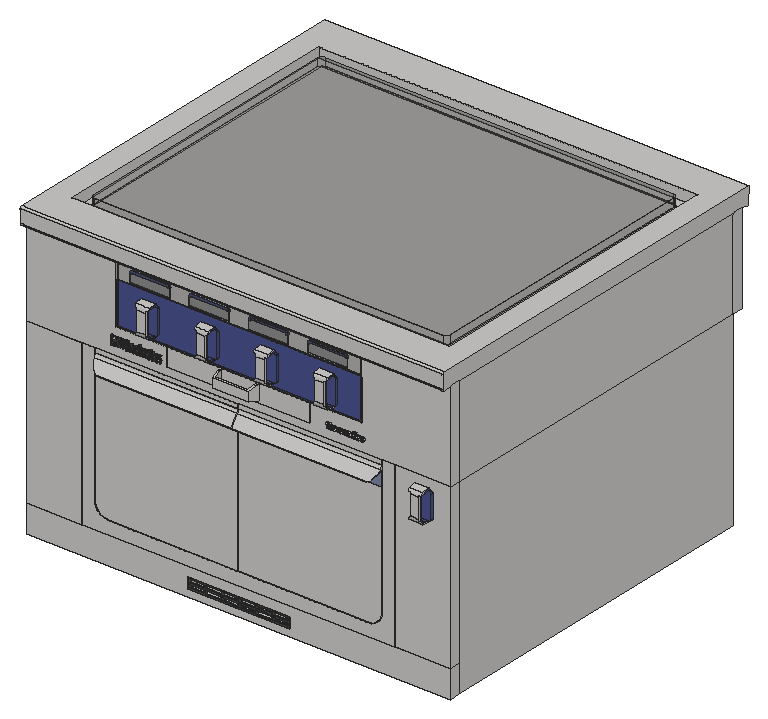
Revit family "QF_ELECTROLUXPROFESSIONAL_589695_MCLPEAJ4AO", category Attrezzature speciali, Revit 2020
Family settings
  Quota connettore circolare = Usa diametro
  Tipo di parte = Normale
  Basato su piano di lavoro = No
  Sempre verticale = Sì
  Taglio con vuoti quando caricato = No
  Condiviso = No
  Punto di calcolo locali = No
Parameters (values of type "Standard")
  Weight = 193.00 kg
  Watts = 18300 W
  Volts = 400 V
  URL Manufacturer = "https://www.electroluxprofessional.com/"
  URL = "https://www.electroluxprofessional.com/"
  Steam Supply Size = 0"
  Steam Supply Minimum Pressure = 0.00 psi
  Steam Supply Maximum Pressure = 0.00 psi
  Steam Consumption per Hour = 0
  Refrigeration Suction Line Size = 0 mm
  Refrigeration Liquid Line Size = 0 mm
  Refrigerant Compressor Remote = yes
  Prospetto di default = 0 mm
  Phase = 3
  Modello = "MCLPEAJ4AO"
  Produttore = "Electrolux Professional"
  Length Actual = 1000 mm  # constant formula
  Item Number = "589695"
  Hot Water Size = 0"
  Height Actual = 700 mm  # constant formula
  HP = "24.5 HP"
  Gas Size = 0"
  Gas KW = 0
  Gas Input Pressure = 0.0 Btu/h
  Direct Waste Size = 0"
  Descrizione = "EL.SOLID TOP,WARM.CAB.1S,1000X900X700H"
  Depth Actual = 900 mm  # constant formula
  Cycle = 50 Hz
  Condensate Return Size = 0"
  Compressed Air Volume = 0 GPM
  Compressed Air Size = 0"
  Compressed Air Pressure = 0.00 psi
  Cold Water Size = 0"
  Accessory = yes
Reference planes
  plane 1 "BACK": y = 0
  plane 2: z = 0
  plane 3 "LEFT": x = -100
  plane 4 "RIGHT": x = 900
  plane 5 "FRONT": y = -900
  plane 6 "TOP": z = 900
  plane 7 "Center (Left/Right)": x = 400
  plane 8: y = -450
  plane 9: z = 200
  plane 10: y = -150
  plane 11 "Panel": y = -855
  plane 12: z = 798
  plane 13: z = 1327
  plane 14: x = -22
  plane 15: x = 822
  plane 16: y = -150
  plane 17: y = -650
  plane 18 "EIx": x = 855
  plane 19 "EIy": y = -685
  plane 20: y = -880
Forms (mm)
  Extrusion 1, solid, material "QF_Finishes_Stainless Steel"
    sketch origin (-178.969, -4572, 200) x (-1, 0, 0) y (0, -1, 0)
      loop
        line (-78.969, -4527) -> (-78.969, -3717) -> (-1078.969, -3717) -> (-1078.969, -4527) -> (-78.969, -4527)
    from 450 to 663
  Extrusion 2, solid, material "QF_Finishes_Stainless Steel"
    sketch origin (-100, 0, 0) x (0, 1, 0) y (0, 0, 1)
      loop
        line (-855, 200) -> (-855, 265) -> (-880, 265) -> (-880, 200) -> (-855, 200)
    from 0 to 1000
  Extrusion 3, solid, material "QF_Finishes_Stainless Steel"
    sketch origin (-488.969, -4662, 200) x (-1, 0, 0) y (0, -1, 0)
      loop
        circle (-1343.969, -3977) r 6.35
    from 0 to -11.851
  Extrusion 4, solid, material "QF_Finishes_Stainless Steel"
    sketch origin (400, 296.4, 1219.2) x (0, 1, 0) y (0, 0, 1)
      loop
        line (-296.4, -319.2) -> (-1191.4, -319.2)
        arc (-1191.4, -319.2) -> (-1194.935, -320.664) -> (-1196.4, -324.2) r 5
        line (-1196.4, -324.2) -> (-1196.4, -355.2)
        arc (-1196.4, -355.2) -> (-1194.971, -358.264) -> (-1191.705, -359.139) r 4
        line (-1191.705, -359.139) -> (-1176.4, -356.231) -> (-316.4, -356.231) -> (-301.094, -359.139)
        arc (-301.094, -359.139) -> (-297.829, -358.264) -> (-296.4, -355.2) r 4
        line (-296.4, -355.2) -> (-296.4, -319.2)
    from -500 to 500
  Extrusion 5, solid, material "QF_Finishes_Electrolux_Black Smoke Iluminated"
    sketch origin (0, 0, 900) x (-1, 0, 0) y (0, -1, 0)
      loop
        arc (12, 109) -> (19.071, 111.929) -> (22, 119) r 10
        line (22, 119) -> (22, 780)
        arc (22, 780) -> (19.071, 787.071) -> (12, 790) r 10
        line (12, 790) -> (-812, 790)
        arc (-812, 790) -> (-819.071, 787.071) -> (-822, 780) r 10
        line (-822, 780) -> (-822, 119)
        arc (-822, 119) -> (-819.071, 111.929) -> (-812, 109) r 10
        line (-812, 109) -> (12, 109)
    from 0 to -20
  Extrusion 6, solid, material "QF_Finishes_Stainless Steel"
    sketch origin (-178.969, -4572, 200) x (-1, 0, 0) y (0, -1, 0)
      loop
        line (-78.969, -4527) -> (-78.969, -3717) -> (-1078.969, -3717) -> (-1078.969, -4527) -> (-78.969, -4527)
    from 450 to 0
  Extrusion 7, void
    sketch origin (0, -855, 0) x (-1, 0, 0) y (0, 0, 1)
      loop
        line (-520, 216.594) -> (-280, 216.594) -> (-280, 241.594) -> (-520, 241.594) -> (-520, 216.594)
    from 0 to -25
  Extrusion 8, solid, material "QF_Finishes_Black"
    sketch origin (0, -855, 0) x (-1, 0, 0) y (0, 0, 1)
      loop
        line (-280, 241.594) -> (-520, 241.594) -> (-520, 216.594) -> (-280, 216.594) -> (-280, 241.594)
      loop
        line (-282, 239.594) -> (-319.131, 239.594) -> (-319.131, 230.094) -> (-282, 230.094) -> (-282, 239.594)
      loop
        line (-282, 218.594) -> (-282, 228.094) -> (-319.131, 228.094) -> (-319.131, 218.594) -> (-282, 218.594)
      loop
        line (-321.131, 239.594) -> (-359.066, 239.594) -> (-359.066, 230.094) -> (-321.131, 230.094) -> (-321.131, 239.594)
      loop
        line (-399, 239.594) -> (-399, 230.094) -> (-361.066, 230.094) -> (-361.066, 239.594) -> (-399, 239.594)
      loop
        line (-401, 239.594) -> (-438.934, 239.594) -> (-438.934, 230.094) -> (-401, 230.094) -> (-401, 239.594)
      loop
        line (-359.066, 218.594) -> (-321.131, 218.594) -> (-321.131, 228.094) -> (-359.066, 228.094) -> (-359.066, 218.594)
      loop
        line (-361.066, 218.594) -> (-361.066, 228.094) -> (-399, 228.094) -> (-399, 218.594) -> (-361.066, 218.594)
      loop
        line (-401, 228.094) -> (-438.934, 228.094) -> (-438.934, 218.594) -> (-401, 218.594) -> (-401, 228.094)
      loop
        line (-518, 239.594) -> (-518, 230.094) -> (-480.869, 230.094) -> (-480.869, 239.594) -> (-518, 239.594)
      loop
        line (-518, 218.594) -> (-480.869, 218.594) -> (-480.869, 228.094) -> (-518, 228.094) -> (-518, 218.594)
      loop
        line (-478.869, 239.594) -> (-478.869, 230.094) -> (-440.934, 230.094) -> (-440.934, 239.594) -> (-478.869, 239.594)
      loop
        line (-440.934, 218.594) -> (-440.934, 228.094) -> (-478.869, 228.094) -> (-478.869, 218.594) -> (-440.934, 218.594)
    from -25.03 to -20
  Extrusion 9, void
    sketch origin (0, 0, 900) x (-1, 0, 0) y (0, -1, 0)
      loop
        line (47, 815) -> (-847, 815) -> (-847, 84) -> (47, 84) -> (47, 815)
    from 0 to -25
  Extrusion 10, solid, material "QF_Finishes_Stainless Steel"
    sketch origin (0, 0, 900) x (-1, 0, 0) y (0, -1, 0)
      loop
        line (18, 113) -> (18, 786) -> (-818, 786) -> (-818, 113) -> (18, 113)
    from -20 to -25
  Extrusion 11, solid, material "QF_Finishes_Stainless Steel"
    sketch origin (400, 296.4, 1219.169) x (0, 1, 0) y (0, 0, 1)
      loop
        line (-341.4, -356.2) -> (-341.4, -569.2) -> (-316.4, -569.2) -> (-316.4, -356.2) -> (-341.4, -356.2)
    from -500 to 500
  Extrusion 12, solid, material "QF_Finishes_Stainless Steel"
    sketch origin (0, -900, 0) x (1, 0, 0) y (0, 0, 1)
      loop
        line (-100, 649.969) -> (-100, 265) -> (30, 265) -> (30, 649.969) -> (-100, 649.969)
      loop
        line (900, 650) -> (770, 650) -> (770, 265) -> (900, 265) -> (900, 650)
    from -45 to -20
  Extrusion 13, solid, material "QF_Finishes_Stainless Steel"
    sketch origin (0, -900, 0) x (1, 0, 0) y (0, 0, 1)
      loop
        line (32, 265) -> (768, 265) -> (768, 650) -> (740, 650) -> (740, 327)
        arc (740, 327) -> (730.627, 304.373) -> (708, 295) r 32
        line (708, 295) -> (92, 295)
        arc (92, 295) -> (69.373, 304.373) -> (60, 327) r 32
        line (60, 327) -> (60, 649.969) -> (32, 649.969) -> (32, 265)
    from -45 to -20
Cuts and joins
  Extrusion 7 cuts Extrusion 6
  Extrusion 7 cuts Extrusion 2
  Extrusion 9 cuts Extrusion 4
Lines and regions (mm)
  symbolic lines
    curve 1: line (-100, 0, 200) -> (900, 0, 200)
    curve 2: line (-100, -900, 200) -> (-100, 0, 200)
    curve 3: line (900, -900, 200) -> (-100, -900, 200)
    curve 4: line (900, 0, 200) -> (900, -900, 200)
    curve 5: line (812, -109, 200) -> (-12, -109, 200)
    curve 6: line (-22, -119, 200) -> (-22, -780, 200)
    curve 7: line (-12, -790, 200) -> (812, -790, 200)
    curve 8: line (822, -780, 200) -> (822, -119, 200)
    curve 9: arc (-12, -109, 200) -> (-19.071, -111.929, 200) -> (-22, -119, 200) r 10
    curve 10: arc (822, -119, 200) -> (819.071, -111.929, 200) -> (812, -109, 200) r 10
    curve 11: arc (812, -790, 200) -> (819.071, -787.071, 200) -> (822, -780, 200) r 10
    curve 12: arc (-22, -780, 200) -> (-19.071, -787.071, 200) -> (-12, -790, 200) r 10
    curve 13: line (847, -84, 900) -> (-47, -84, 900)
    curve 14: line (-47, -84, 900) -> (-47, -815, 900)
    curve 15: line (847, -815, 900) -> (847, -84, 900)
    curve 16: line (-47, -815, 900) -> (847, -815, 900)
  model lines, style "SpecialityEquipment"
    curve 17: arc (634, -211, 900) -> (580.967, -339.033, 900) -> (709, -286, 900) r 75
    curve 18: line (689, -286, 900) -> (729, -286, 900)
    curve 19: line (729, -286, 900) -> (709, -266, 900)
    curve 20: line (689, -286, 900) -> (709, -266, 900)
    curve 21: arc (166, -211, 900) -> (112.967, -339.033, 900) -> (241, -286, 900) r 75
    curve 22: line (221, -286, 900) -> (261, -286, 900)
    curve 23: line (261, -286, 900) -> (241, -266, 900)
    curve 24: line (221, -286, 900) -> (241, -266, 900)
    curve 25: arc (634, -539, 900) -> (580.967, -667.033, 900) -> (709, -614, 900) r 75
    curve 26: line (689, -614, 900) -> (729, -614, 900)
    curve 27: line (729, -614, 900) -> (709, -594, 900)
    curve 28: line (689, -614, 900) -> (709, -594, 900)
    curve 29: arc (166, -539, 900) -> (112.967, -667.033, 900) -> (241, -614, 900) r 75
    curve 30: line (221, -614, 900) -> (261, -614, 900)
    curve 31: line (261, -614, 900) -> (241, -594, 900)
    curve 32: line (221, -614, 900) -> (241, -594, 900)
Dimensions and locks
  plane 3 "LEFT" to plane 4 "RIGHT" = 1000 mm
  plane 5 "FRONT" to plane 1 "BACK" = 900 mm
  plane 3 "LEFT" to plane 7 "Center (Left/Right)" to plane 4 "RIGHT" = 500 mm, 500 mm
  equal spacing: plane 5 "FRONT", plane 8, plane 1 "BACK"
  plane 6 "TOP" to level = 900 mm  (x2)
  plane 9 to level = 200 mm
  plane 1 "BACK" to plane 10 to plane 11 "Panel" = 150 mm, 705 mm  (x2)
  plane 6 "TOP" to plane 9 to level = 700 mm, 200 mm
  plane 1 "BACK" to plane 5 "FRONT" = 900 mm
  plane 1 "BACK" to Extrusion 3 = 685 mm
  plane 12 to plane 9 = 598 mm
  plane 13 to plane 6 "TOP" = 427 mm
  plane 6 "TOP" to plane 12 = 102 mm
  plane 14 to plane 3 "LEFT" = 78 mm
  plane 15 to plane 4 "RIGHT" = 78 mm
  locked: plane 1 "BACK" to plane 16 at 150
  locked: plane 16 to plane 17 at 500
  plane 11 "Panel" to plane 5 "FRONT" = 45 mm
  plane 18 "EIx" to plane 4 "RIGHT" = 45 mm
  plane 19 "EIy" to plane 1 "BACK" = 685 mm
  locked: plane 11 "Panel" to plane 20 at 25
  aligned and locked: level to plane 2
  aligned and locked: Extrusion 2 to plane 4 "RIGHT"
  aligned and locked: cut or joined group of Extrusion 4, Extrusion 9 to plane 3 "LEFT"
  aligned and locked: cut or joined group of Extrusion 4, Extrusion 9 to plane 4 "RIGHT"
  aligned and locked: cut or joined group of Extrusion 6, Extrusion 7 to plane 4 "RIGHT"
  aligned and locked: cut or joined group of Extrusion 6, Extrusion 7 to plane 3 "LEFT"
  aligned and locked: nested 2 to plane 11 "Panel"
  aligned and locked: Extrusion 1 to plane 11 "Panel"
  aligned and locked: plane 11 "Panel" to cut or joined group of Extrusion 2, Extrusion 7
  aligned and locked: nested 1 to plane 20
  aligned and locked: Extrusion 11 to plane 4 "RIGHT"
  aligned and locked: Extrusion 1 to plane 3 "LEFT"
  aligned and locked: Extrusion 11 to plane 3 "LEFT"
  aligned and locked: Extrusion 1 to plane 4 "RIGHT"
  aligned and locked: plane 7 "Center (Left/Right)" to nested 3
  aligned and locked: cut or joined group of Extrusion 6, Extrusion 7 to nested 3
  aligned and locked: Extrusion 12 to nested 2
  aligned and locked: plane 20 to Extrusion 12
  aligned and locked: plane 11 "Panel" to Extrusion 13
  aligned and locked: plane 20 to Extrusion 13
Automatic sketch dimensions
  Extrusion 1 sketch curve to plane 4 "RIGHT" = 0 mm
  Extrusion 1 sketch curve to plane 3 "LEFT" = 0 mm
  Extrusion 1 sketch curve to plane 11 "Panel" = 0 mm
  plane 1 "BACK" to Extrusion 1 sketch curve = 45 mm
  Extrusion 2 sketch curve to plane 9 = 0 mm
  Extrusion 2 sketch curve to plane 20 = 0 mm
  Extrusion 2 sketch curve to plane 11 "Panel" = 0 mm
  plane 9 to Extrusion 2 sketch curve = 65 mm
  plane 1 "BACK" to curve 1 = 0 mm
  curve 1 to plane 4 "RIGHT" = 0 mm
  curve 8 to plane 15 = 0 mm
  curve 6 to plane 14 = 0 mm
  curve 2 to plane 3 "LEFT" = 0 mm
  plane 5 "FRONT" to curve 3 = 0 mm
  plane 15 to curve 5 = 10 mm
  plane 15 to curve 11 = 10 mm
  curve 5 to plane 14 = 10 mm
  curve 12 to curve 12 = 10 mm
  plane 10 to curve 5 = 41 mm
  plane 11 "Panel" to curve 11 = 75 mm
  Extrusion 3 sketch curve to plane 18 "EIx" = 0 mm
  Extrusion 3 sketch curve to plane 19 "EIy" = 0 mm
  Extrusion 4 sketch curve to plane 5 "FRONT" = 0 mm
  Extrusion 4 sketch curve to plane 6 "TOP" = 0 mm
  Extrusion 4 sketch curve to plane 20 = 0 mm
  Extrusion 4 sketch curve to plane 1 "BACK" = 0 mm
  Extrusion 4 sketch curve to Extrusion 4 sketch curve = 4 mm
  Extrusion 4 sketch curve to Extrusion 4 sketch curve = 0.695 mm
  Extrusion 4 sketch curve to plane 5 "FRONT" = 5 mm
  plane 1 "BACK" to Extrusion 4 sketch curve = 20 mm
  plane 1 "BACK" to Extrusion 4 sketch curve = 4.695 mm
  plane 1 "BACK" to Extrusion 4 sketch curve = 4 mm
  Extrusion 4 sketch curve to Extrusion 4 sketch curve = 31 mm
  Extrusion 4 sketch curve to Extrusion 4 sketch curve = 36 mm
  Extrusion 4 sketch curve to Extrusion 4 sketch curve = 2.909 mm
  Extrusion 5 sketch curve to plane 15 = 0 mm
  Extrusion 5 sketch curve to plane 14 = 0 mm
  plane 15 to Extrusion 5 sketch curve = 10 mm  (x2)
  Extrusion 5 sketch curve to Extrusion 5 sketch curve = 10 mm  (x2)
  plane 10 to Extrusion 5 sketch curve = 41 mm
  plane 11 "Panel" to Extrusion 5 sketch curve = 75 mm
  Extrusion 6 sketch curve to plane 4 "RIGHT" = 0 mm
  Extrusion 6 sketch curve to plane 3 "LEFT" = 0 mm
  Extrusion 6 sketch curve to plane 11 "Panel" = 0 mm
  plane 1 "BACK" to Extrusion 6 sketch curve = 45 mm
  plane 9 to Extrusion 7 sketch curve = 41.594 mm
  plane 7 "Center (Left/Right)" to Extrusion 7 sketch curve = 120 mm
  Extrusion 7 sketch curve to plane 7 "Center (Left/Right)" = 120 mm
  plane 9 to Extrusion 7 sketch curve = 16.594 mm
  plane 9 to Extrusion 8 sketch curve = 41.594 mm
  plane 7 "Center (Left/Right)" to Extrusion 8 sketch curve = 120 mm
  Extrusion 8 sketch curve to Extrusion 8 sketch curve = 2 mm  (x15)
  Extrusion 8 sketch curve to Extrusion 8 sketch curve = 0 mm  (x16)
  Extrusion 8 sketch curve to Extrusion 8 sketch curve = 37.131 mm  (x2)
  Extrusion 8 sketch curve to Extrusion 8 sketch curve = 37.934 mm  (x3)
  plane 7 "Center (Left/Right)" to Extrusion 8 sketch curve = 1 mm  (x2)
  Extrusion 8 sketch curve to plane 7 "Center (Left/Right)" = 1 mm  (x2)
  plane 9 to Extrusion 8 sketch curve = 18.594 mm  (x4)
  Extrusion 8 sketch curve to Extrusion 8 sketch curve = 9.5 mm  (x6)
  plane 18 "EIx" to Extrusion 9 sketch curve = 8 mm
  plane 14 to Extrusion 9 sketch curve = 25 mm
  plane 10 to Extrusion 9 sketch curve = 66 mm
  plane 11 "Panel" to Extrusion 9 sketch curve = 40 mm
  plane 15 to Extrusion 10 sketch curve = 4 mm
  Extrusion 10 sketch curve to plane 14 = 4 mm
  plane 10 to Extrusion 10 sketch curve = 37 mm
  plane 11 "Panel" to Extrusion 10 sketch curve = 69 mm
  plane 18 "EIx" to curve 16 = 8 mm
  plane 15 to curve 19 = 93 mm
  curve 27 to plane 17 = 36 mm
  plane 15 to curve 27 = 93 mm
  curve 26 to curve 27 = 20 mm
  curve 18 to curve 20 = 20 mm
  curve 19 to curve 20 = 20 mm
  curve 28 to curve 26 = 20 mm
  curve 18 to curve 17 = 55 mm
  curve 26 to curve 25 = 55 mm
  curve 31 to plane 17 = 36 mm
  curve 31 to plane 7 "Center (Left/Right)" = 139 mm
  curve 23 to plane 7 "Center (Left/Right)" = 139 mm
  curve 22 to curve 24 = 20 mm
  curve 30 to curve 31 = 20 mm
  curve 32 to curve 32 = 20 mm
  curve 23 to curve 24 = 20 mm
  curve 22 to curve 21 = 55 mm
  curve 30 to curve 29 = 55 mm
  plane 14 to curve 14 = 25 mm
  curve 22 to plane 10 = 136 mm
  curve 18 to plane 10 = 136 mm
  plane 10 to curve 13 = 66 mm
  plane 11 "Panel" to curve 15 = 40 mm
  curve 25 to curve 26 = 20 mm
  curve 17 to curve 18 = 20 mm
  curve 29 to curve 30 = 20 mm
  curve 21 to curve 22 = 20 mm
  plane 1 "BACK" to Extrusion 11 sketch curve = 45 mm
  plane 1 "BACK" to Extrusion 11 sketch curve = 20 mm
  Extrusion 11 sketch curve to plane 12 = 148.031 mm
  Extrusion 11 sketch curve to plane 6 "TOP" = 37.031 mm
  Extrusion 12 sketch curve to plane 3 "LEFT" = 0 mm
  plane 4 "RIGHT" to Extrusion 12 sketch curve = 0 mm
  Extrusion 12 sketch curve to plane 14 = 52 mm
  plane 15 to Extrusion 12 sketch curve = 52 mm
  plane 9 to Extrusion 12 sketch curve = 65 mm  (x2)
  Extrusion 12 sketch curve to plane 12 = 148.031 mm
  Extrusion 12 sketch curve to plane 12 = 148 mm
  Extrusion 13 sketch curve to plane 14 = 54 mm
  Extrusion 13 sketch curve to Extrusion 13 sketch curve = 28 mm
  Extrusion 13 sketch curve to Extrusion 13 sketch curve = 32 mm  (x2)
  plane 15 to Extrusion 13 sketch curve = 114 mm
  plane 15 to Extrusion 13 sketch curve = 54 mm
  plane 9 to Extrusion 13 sketch curve = 65 mm
  Extrusion 13 sketch curve to Extrusion 13 sketch curve = 30 mm
  Extrusion 13 sketch curve to plane 12 = 148.031 mm
  Extrusion 13 sketch curve to plane 12 = 148 mm
  radius of Extrusion 3 sketch curve = 6.35 mm
Nested families
  nested 1: "FIT Range Control Handle" at (835, -883.137, -372.751), type "FIT Range Control Handle"
  nested 2: "Front_Panel_W1000_Four Knobs" at (102.376, -855, 0), type "Front_Panel_W1000_Four Knobs"
  nested 3: "H450H2W1000_2DOOR" at (363.958, -855, 200) x (1, 0, 0) z (0, -1, 0), type "H450H2W1000_2DOOR"
    with Width 680 mm, Wdoor 340 mm, Show Clearance yes
  nested 4: "Warm" at (900, -900, 0), type "Warm"
Connectors
  electrical at (855, -685, 188.149)
    settings: on Extrusion 3, index 1, voltage 400 V, apparent load 33000 VA, apparent load phase1 0 VA, apparent load phase2 0 VA, apparent load phase3 0 VA, power factor 1, load classification "Other", number of poles 1, system type 30, power factor state 1, is connector primary yes, connector utility no, sub classification motor no, connector description "ELECTRICAL CONNECTION"
Definition of nested family "FIT Range Control Handle"
  Parameters
    Default Elevation = 0 mm
  Reference planes
    plane 1 "Center (Front/Back)": y = 0
    plane 2: z = 0
    plane 3 "Center (Left/Right)": x = 0
    plane 4: z = 971.092
    plane 5: y = -16.8
  Forms (mm)
    Extrusion 1, solid
      sketch origin (-746.28, 380.497, 208.931) x (-1, 0, 0) y (0, 0, 1)
        loop
          line (-770.101, 786.798) -> (-770.101, 731.649)
          arc (-770.101, 731.649) -> (-769.759, 730.563) -> (-768.855, 729.87) r 1.893
          line (-768.855, 729.87) -> (-763.474, 727.911) -> (-729.81, 727.911) -> (-724.428, 729.87)
          arc (-724.428, 729.87) -> (-723.525, 730.563) -> (-723.183, 731.649) r 1.893
          line (-723.183, 731.649) -> (-723.183, 786.798)
          arc (-723.183, 786.798) -> (-723.529, 787.894) -> (-724.44, 788.593) r 1.91
          line (-724.44, 788.593) -> (-729.683, 790.819) -> (-763.601, 790.819) -> (-768.844, 788.593)
          arc (-768.844, 788.593) -> (-769.755, 787.894) -> (-770.101, 786.798) r 1.91
      from -382.35 to -378.852
    Sweep 2, solid
      path origin (-746.788, 380.496, 208.091) x (0, -1, 0) y (0, 0, 1)
        loop
          line (379.775, 793.281) -> (395.661, 791.048)
          arc (395.661, 791.048) -> (397.781, 787.377) -> (398.517, 783.202) r 12.207
          line (398.517, 783.202) -> (398.517, 737.368)
          arc (398.517, 737.368) -> (397.781, 733.193) -> (395.661, 729.522) r 12.207
          line (395.661, 729.522) -> (379.775, 727.289)
      profile origin (-746.788, -7.222, 1000.256) x (0, -0.139173, 0.990268) y (-1, 0, 0)
        loop
          line (0.782, -763.123) -> (0.782, -730.907) -> (-1.322, -730.907) -> (-1.322, -763.123) -> (0.782, -763.123)
    Sweep 3, solid
      path origin (-746.788, 380.715, 207.832) x (0, -1, 0) y (0, 0, 1)
        loop
          line (380.478, 795.442) -> (397.218, 793.09)
          arc (397.218, 793.09) -> (399.929, 788.473) -> (400.871, 783.202) r 15.207
          line (400.871, 783.202) -> (400.871, 737.584)
          arc (400.871, 737.584) -> (399.914, 732.274) -> (397.164, 727.633) r 15.207
          line (397.164, 727.633) -> (380.601, 725.305)
      profile origin (-746.788, -8.132, 1002.099) x (0, -0.139173, 0.990268) y (-1, 0, 0)
        loop
          line (0.782, -763.123) -> (0.782, -730.907) -> (-1.322, -730.907) -> (-1.322, -763.123) -> (0.782, -763.123)
    Extrusion 4, void
      sketch origin (889.253, 220.666, 207.993) x (1, 0, 0) y (0, 0, 1)
        loop
          line (-943.038, 816.854) -> (-943.038, 703.686) -> (-899.466, 734.196) -> (-899.466, 786.344) -> (-943.038, 816.854)
      from 230.636 to 242.25
    Extrusion 5, void
      sketch origin (-888.8, 220.666, 207.993) x (-1, 0, 0) y (0, 0, -1)
        loop
          line (-943.038, -816.854) -> (-899.466, -786.344) -> (-899.466, -734.196) -> (-943.038, -703.686) -> (-943.038, -816.854)
      from 230.636 to 242.25
    Extrusion 6, solid
      sketch origin (0, 0, 0) x (1, 0, 0) y (0, 0, 1)
        loop
          circle (0, 971.092) r 7.736
      from -3.137 to -1.645
  Cuts and joins
    Extrusion 4, Extrusion 5 cuts Sweep 3
    Extrusion 4, Extrusion 5 cuts Sweep 2
    joined: Extrusion 1, Extrusion 6
  Lines and regions (mm)
    symbolic lines
      curve 1: line (-15.881, -19.189, 0) -> (-15.881, -16.8, 0)
      curve 2: line (16.334, -19.189, 0) -> (16.334, -16.8, 0)
      curve 3: spline (-15.881, -19.189, 0) -> (-15.417, -19.349, 0) -> (-14.951, -19.501, 0) -> (-14.483, -19.646, 0) -> (-14.014, -19.783, 0) -> (-13.543, -19.912, 0) -> (-13.071, -20.033, 0) -> (-12.597, -20.146, 0) -> (-12.122, -20.251, 0) -> (-11.646, -20.349, 0) -> (-11.169, -20.438, 0) -> (-10.691, -20.52, 0) -> (-10.213, -20.593, 0)
      curve 4: spline (10.666, -20.593, 0) -> (11.144, -20.52, 0) -> (11.622, -20.438, 0) -> (12.099, -20.349, 0) -> (12.575, -20.251, 0) -> (13.05, -20.146, 0) -> (13.524, -20.033, 0) -> (13.996, -19.912, 0) -> (14.467, -19.783, 0) -> (14.936, -19.646, 0) -> (15.404, -19.501, 0) -> (15.87, -19.349, 0) -> (16.334, -19.189, 0)
      curve 5: line (-10.213, -20.938, 0) -> (10.716, -20.938, 0)
  Dimensions and locks
    cut or joined group of Sweep 3, Extrusion 4, Extrusion 5 to cut or joined group of Sweep 3, Extrusion 4, Extrusion 5 = 71.686 mm
Definition of nested family "Front_Panel_W1000_Four Knobs"
  Parameters
    Default Elevation = 0 mm
  Reference planes
    plane 1 "Center (Front/Back)": y = 0
    plane 2: z = 0
    plane 3 "Center (Left/Right)": x = 297.624
    plane 4 "Left": x = -202.376
    plane 5 "Right": x = 797.624
    plane 6: y = -45
    plane 7: x = 87.624
    plane 8: x = 227.624
    plane 9: y = -310
    plane 10: y = -25
    plane 11: x = -2.376
    plane 12: x = 367.624
    plane 13: x = 507.624
    plane 14: x = 594.715
  Forms (mm)
    Extrusion 1, solid
      sketch origin (833.217, 829.203, -1.25) x (0, 1, 0) y (0, 0, 1)
        loop
          line (-854.203, 651.25) -> (-829.203, 651.25) -> (-829.203, 864.25) -> (-854.203, 864.25) -> (-854.203, 651.25)
      from -1035.593 to -35.593
    Extrusion 2, void
      sketch origin (0, 0, 0) x (1, 0, 0) y (0, 0, 1)
        loop
          line (7.624, 853.866) -> (7.624, 711.866) -> (587.624, 711.866) -> (587.624, 853.866) -> (7.624, 853.866)
      from 19.387 to 33.951
    Extrusion 3, void
      sketch origin (0, 0, 0) x (1, 0, 0) y (0, 0, 1)
        loop
          line (128.624, 711.866) -> (128.624, 668.866) -> (466.624, 668.866) -> (466.624, 711.866) -> (128.624, 711.866)
      from 19.387 to 25
    Extrusion 4, solid
      sketch origin (150, 0, 1) x (1, 0, 0) y (0, 0, 1)
        loop
          line (-21.376, 710.866) -> (-21.376, 667.866) -> (316.624, 667.866) -> (316.624, 710.866) -> (-21.376, 710.866)
      from 19.387 to 25
    Extrusion 5, solid
      sketch origin (150, 0, 1) x (1, 0, 0) y (0, 1, 0)
        loop
          line (106.059, -25) -> (100.966, -25) -> (105.646, -49.075) -> (189.603, -49.075) -> (194.283, -25) -> (189.189, -25) -> (185.481, -44.075) -> (109.767, -44.075) -> (106.059, -25)
      from 672.593 to 705.67
    Extrusion 6, void
      sketch origin (297.624, 0, 1) x (0, 1, 0) y (0, 0, 1)
        loop
          line (-30, 705.67) -> (-30, 710.67) -> (-56.744, 710.67) -> (-56.744, 667.593) -> (-30, 667.593) -> (-30, 672.593) -> (-53.776, 680.318) -> (-53.776, 697.945) -> (-30, 705.67)
      from -50 to 50
    Extrusion 7, solid, detail levels coarse
      sketch origin (150, -265, 1) x (1, 0, 0) y (0, 1, 0)
        loop
          line (106.164, -71.744) -> (189.084, -71.744) -> (194.283, -45) -> (316.624, -45) -> (316.624, 240) -> (-21.376, 240) -> (-21.376, -45) -> (100.966, -45) -> (106.164, -71.744)
      from 672.593 to 705.67
    Extrusion 8, void
      sketch origin (297.624, -280, 1) x (0, 1, 0) y (0, 0, 1)
        loop
          line (-30, 705.67) -> (-30, 710.67) -> (-56.744, 710.67) -> (-56.744, 667.593) -> (-30, 667.593) -> (-30, 672.593) -> (-53.776, 680.318) -> (-53.776, 697.945) -> (-30, 705.67)
      from -50 to 50
  Cuts and joins
    Extrusion 2, Extrusion 3 cuts Extrusion 1
    Extrusion 6 cuts Extrusion 5
    Extrusion 6, Extrusion 8 cuts Extrusion 7
  Lines and regions (mm)
    symbolic lines
      curve 1: line (128.624, -45, 0) -> (128.624, -310, 0)
      curve 2: line (128.624, -310, 0) -> (466.624, -310, 0)
      curve 3: line (466.624, -310, 0) -> (466.624, -45, 0)
      curve 4: line (128.624, -300, 0) -> (466.624, -300, 0)
      curve 5: line (250.908, -309.701, 0) -> (255.587, -333.776, 0)
      curve 6: line (255.587, -333.776, 0) -> (339.545, -333.776, 0)
      curve 7: line (339.545, -333.776, 0) -> (344.225, -309.701, 0)
      curve 8: line (256.001, -309.701, 0) -> (259.709, -328.776, 0)
      curve 9: line (259.709, -328.776, 0) -> (335.423, -328.776, 0)
      curve 10: line (335.423, -328.776, 0) -> (339.131, -309.701, 0)
  Dimensions and locks
    equal spacing: plane 5 "Right", plane 3 "Center (Left/Right)", plane 4 "Left"
    plane 5 "Right" to plane 4 "Left" = 1000 mm
    plane 3 "Center (Left/Right)" to plane 7 = 210 mm
    plane 3 "Center (Left/Right)" to plane 8 = 70 mm
    plane 6 to plane 9 = 265 mm
    plane 13 to plane 3 "Center (Left/Right)" = 210 mm
    plane 12 to plane 3 "Center (Left/Right)" = 70 mm
    aligned and locked: cut or joined group of Extrusion 1, Extrusion 2, Extrusion 3 to plane 4 "Left"
    aligned and locked: plane 5 "Right" to cut or joined group of Extrusion 1, Extrusion 2, Extrusion 3
    aligned and locked: plane 3 "Center (Left/Right)" to nested 2
    aligned and locked: cut or joined group of Extrusion 1, Extrusion 2, Extrusion 3 to nested 2
  Automatic sketch dimensions
    plane 7 to Extrusion 3 sketch curve = 41 mm
    plane 3 "Center (Left/Right)" to Extrusion 3 sketch curve = 169 mm
    level to Extrusion 3 sketch curve = 668.866 mm
    Extrusion 3 sketch curve to Extrusion 3 sketch curve = 43 mm
    Extrusion 1 sketch curve to plane 1 "Center (Front/Back)" = 0 mm
    level to Extrusion 1 sketch curve = 650 mm
    plane 4 "Left" to Extrusion 2 sketch curve = 210 mm
    Extrusion 2 sketch curve to plane 5 "Right" = 210 mm
    level to Extrusion 2 sketch curve = 711.866 mm
    Extrusion 2 sketch curve to Extrusion 2 sketch curve = 142 mm
    plane 6 to curve 1 = 0 mm
    plane 6 to curve 3 = 0 mm
    plane 9 to curve 1 = 0 mm
    plane 7 to curve 1 = 41 mm
    curve 1 to curve 4 = 10 mm
    Extrusion 1 sketch curve to plane 6 = 20 mm
    Extrusion 1 sketch curve to Extrusion 1 sketch curve = 213 mm
    plane 7 to Extrusion 4 sketch curve = 41 mm
    Extrusion 4 sketch curve to plane 13 = 41 mm
    level to Extrusion 4 sketch curve = 668.866 mm
    Extrusion 4 sketch curve to Extrusion 4 sketch curve = 43 mm
    plane 10 to Extrusion 5 sketch curve = 0 mm  (x2)
    plane 8 to Extrusion 5 sketch curve = 23.342 mm
    plane 6 to Extrusion 5 sketch curve = 4.075 mm
    Extrusion 5 sketch curve to Extrusion 5 sketch curve = 4.68 mm
    Extrusion 5 sketch curve to Extrusion 5 sketch curve = 5.094 mm  (x2)
    Extrusion 5 sketch curve to plane 6 = 0.925 mm
    Extrusion 5 sketch curve to Extrusion 5 sketch curve = 4.122 mm  (x2)
    Extrusion 5 sketch curve to plane 12 = 32.143 mm
    Extrusion 5 sketch curve to Extrusion 5 sketch curve = 3.708 mm
    plane 6 to Extrusion 6 sketch curve = 11.744 mm
    plane 6 to Extrusion 6 sketch curve = 8.776 mm
    plane 10 to Extrusion 6 sketch curve = 5 mm  (x2)
    level to Extrusion 6 sketch curve = 668.593 mm
    Extrusion 6 sketch curve to Extrusion 6 sketch curve = 5 mm
    Extrusion 6 sketch curve to Extrusion 6 sketch curve = 12.725 mm  (x2)
    Extrusion 6 sketch curve to Extrusion 6 sketch curve = 17.627 mm
    Extrusion 6 sketch curve to Extrusion 6 sketch curve = 7.725 mm
    plane 10 to Extrusion 7 sketch curve = 0 mm
    Extrusion 7 sketch curve to plane 9 = 0 mm  (x2)
    plane 7 to Extrusion 7 sketch curve = 41 mm
    plane 8 to Extrusion 7 sketch curve = 23.342 mm
    Extrusion 7 sketch curve to Extrusion 7 sketch curve = 5.199 mm
    Extrusion 7 sketch curve to plane 12 = 28.54 mm
    Extrusion 7 sketch curve to plane 12 = 23.342 mm
    Extrusion 7 sketch curve to plane 13 = 41 mm
    Extrusion 7 sketch curve to plane 9 = 26.744 mm
    Extrusion 8 sketch curve to plane 9 = 0 mm  (x2)
    Extrusion 8 sketch curve to plane 9 = 23.776 mm
    Extrusion 8 sketch curve to Extrusion 8 sketch curve = 2.968 mm
    level to Extrusion 8 sketch curve = 668.593 mm
    Extrusion 8 sketch curve to Extrusion 8 sketch curve = 5 mm
    Extrusion 8 sketch curve to Extrusion 8 sketch curve = 12.725 mm  (x2)
    Extrusion 8 sketch curve to Extrusion 8 sketch curve = 17.627 mm
    Extrusion 8 sketch curve to Extrusion 8 sketch curve = 7.725 mm
    curve 3 to plane 13 = 41 mm
    plane 9 to curve 5 = 0.299 mm
    plane 8 to curve 5 = 23.283 mm
    curve 5 to curve 5 = 4.68 mm
    plane 9 to curve 8 = 0.299 mm
    curve 5 to curve 8 = 5.094 mm
    curve 5 to curve 9 = 4.122 mm
    curve 9 to plane 12 = 32.201 mm
    plane 9 to curve 10 = 0.299 mm
    curve 9 to curve 10 = 3.708 mm
    curve 9 to curve 7 = 4.122 mm
    plane 9 to curve 7 = 0.299 mm
    curve 10 to curve 7 = 5.094 mm
    curve 9 to plane 9 = 18.776 mm
    curve 6 to curve 8 = 5 mm
  Nested families
    nested 1: "Range Control Handle" at (87.624, -28.137, -209.113) x (-1, 0, 0) z (0, 0, 1), type "Range Control Handle"
    nested 2: "Front glass control panel W1000" at (297.624, 280.644, 2.752), type "Front glass control panel W1000"
    nested 3: "Range Control Handle" at (227.624, -28.137, -209.113) x (-1, 0, 0) z (0, 0, 1), type "Range Control Handle"
    nested 4: "Range Control Handle" at (367.624, -28.137, -209.113), type "Range Control Handle"
    nested 5: "Range Control Handle" at (507.624, -28.137, -209.113), type "Range Control Handle"
    nested 6: "ELX_ThermaLine_Small" at (546.122, -25, 679.426) x (1, 0, 0) z (0, -1, 0), type "ELX_ThermaLine_Small"
      with Show Logo yes, Material_Logo none
    nested 7: "ELX_Professional_Logo_Small" at (57.11, -25, 681.659) x (1, 0, 0) z (0, -1, 0), type "ELX_Professional_Logo_Small"
      with Show Logo yes, Material_Logo none
  Definition of nested family "Range Control Handle"
    Parameters
      Default Elevation = 0 mm
    Reference planes
      plane 1 "Center (Front/Back)": y = 0
      plane 2: z = 0
      plane 3 "Center (Left/Right)": x = 0
      plane 4: z = 971.092
      plane 5: y = -16.9
    Forms (mm)
      Extrusion 1, solid
        sketch origin (-746.28, 380.497, 208.931) x (-1, 0, 0) y (0, 0, 1)
          loop
            line (-770.101, 786.798) -> (-770.101, 731.649)
            arc (-770.101, 731.649) -> (-769.759, 730.563) -> (-768.855, 729.87) r 1.893
            line (-768.855, 729.87) -> (-763.474, 727.911) -> (-729.81, 727.911) -> (-724.428, 729.87)
            arc (-724.428, 729.87) -> (-723.525, 730.563) -> (-723.183, 731.649) r 1.893
            line (-723.183, 731.649) -> (-723.183, 786.798)
            arc (-723.183, 786.798) -> (-723.529, 787.894) -> (-724.44, 788.593) r 1.91
            line (-724.44, 788.593) -> (-729.683, 790.819) -> (-763.601, 790.819) -> (-768.844, 788.593)
            arc (-768.844, 788.593) -> (-769.755, 787.894) -> (-770.101, 786.798) r 1.91
        from -382.35 to -378.852
      Sweep 2, solid
        path origin (-746.788, 380.496, 208.091) x (0, -1, 0) y (0, 0, 1)
          loop
            line (379.775, 793.281) -> (395.661, 791.048)
            arc (395.661, 791.048) -> (397.781, 787.377) -> (398.517, 783.202) r 12.207
            line (398.517, 783.202) -> (398.517, 737.368)
            arc (398.517, 737.368) -> (397.781, 733.193) -> (395.661, 729.522) r 12.207
            line (395.661, 729.522) -> (379.775, 727.289)
        profile origin (-746.788, -7.222, 1000.256) x (0, -0.139173, 0.990268) y (-1, 0, 0)
          loop
            line (0.782, -763.123) -> (0.782, -730.907) -> (-1.322, -730.907) -> (-1.322, -763.123) -> (0.782, -763.123)
      Sweep 3, solid
        path origin (-746.788, 380.715, 207.832) x (0, -1, 0) y (0, 0, 1)
          loop
            line (380.478, 795.442) -> (397.218, 793.09)
            arc (397.218, 793.09) -> (399.929, 788.473) -> (400.871, 783.202) r 15.207
            line (400.871, 783.202) -> (400.871, 737.584)
            arc (400.871, 737.584) -> (399.914, 732.274) -> (397.164, 727.633) r 15.207
            line (397.164, 727.633) -> (380.601, 725.305)
        profile origin (-746.788, -8.132, 1002.099) x (0, -0.139173, 0.990268) y (-1, 0, 0)
          loop
            line (0.782, -763.123) -> (0.782, -730.907) -> (-1.322, -730.907) -> (-1.322, -763.123) -> (0.782, -763.123)
      Extrusion 4, void
        sketch origin (889.253, 220.666, 207.993) x (1, 0, 0) y (0, 0, 1)
          loop
            line (-943.038, 816.854) -> (-943.038, 703.686) -> (-899.466, 734.196) -> (-899.466, 786.344) -> (-943.038, 816.854)
        from 230.636 to 242.25
      Extrusion 5, void
        sketch origin (-888.8, 220.666, 207.993) x (-1, 0, 0) y (0, 0, -1)
          loop
            line (-943.038, -816.854) -> (-899.466, -786.344) -> (-899.466, -734.196) -> (-943.038, -703.686) -> (-943.038, -816.854)
        from 230.636 to 242.25
      Extrusion 6, solid
        sketch origin (0, 0, 0) x (1, 0, 0) y (0, 0, 1)
          loop
            circle (0, 971.092) r 7.736
        from -3.137 to -1.645
    Cuts and joins
      Extrusion 4, Extrusion 5 cuts Sweep 3
      Extrusion 4, Extrusion 5 cuts Sweep 2
      joined: Extrusion 1, Extrusion 6
    Lines and regions (mm)
      symbolic lines
        curve 1: line (16.334, -16.9, 0) -> (16.334, -19.227, 0)
        curve 2: spline (16.334, -19.227, 0) -> (15.87, -19.385, 0) -> (15.404, -19.536, 0) -> (14.936, -19.678, 0) -> (14.466, -19.813, 0) -> (13.995, -19.94, 0) -> (13.523, -20.059, 0) -> (13.049, -20.171, 0) -> (12.575, -20.274, 0) -> (12.099, -20.37, 0) -> (11.622, -20.458, 0) -> (11.144, -20.537, 0) -> (10.666, -20.609, 0)
        curve 3: line (10.666, -16.9, 0) -> (10.666, -20.938, 0)
        curve 4: line (-10.213, -20.938, 0) -> (10.666, -20.938, 0)
        curve 5: line (-10.213, -20.938, 0) -> (-10.213, -16.9, 0)
        curve 6: spline (-10.213, -20.609, 0) -> (-10.691, -20.537, 0) -> (-11.169, -20.458, 0) -> (-11.646, -20.37, 0) -> (-12.122, -20.274, 0) -> (-12.597, -20.171, 0) -> (-13.07, -20.059, 0) -> (-13.542, -19.94, 0) -> (-14.013, -19.813, 0) -> (-14.483, -19.678, 0) -> (-14.951, -19.536, 0) -> (-15.417, -19.385, 0) -> (-15.881, -19.227, 0)
        curve 7: line (-15.881, -19.227, 0) -> (-15.881, -16.9, 0)
  Definition of nested family "Front glass control panel W1000"
    Parameters
      Default Elevation = 0 mm
    Reference planes
      plane 1 "Center (Front/Back)": y = 0
      plane 2: z = 0
      plane 3 "Center (Left/Right)": x = 0
    Forms (mm)
      Extrusion 1, solid
        sketch origin (378.286, 0, 0.617) x (1, 0, 0) y (0, 0, 1)
          loop
            line (-668.286, 806.791) -> (-668.286, 708.497) -> (-88.286, 708.497) -> (-88.286, 806.791) -> (-668.286, 806.791)
        from 300.031 to 304.8
      Extrusion 2, solid
        sketch origin (378.286, 0, 0.617) x (1, 0, 0) y (0, 0, 1)
          loop
            line (-668.286, 850.497) -> (-668.286, 806.791) -> (-88.286, 806.791) -> (-88.286, 850.497) -> (-668.286, 850.497)
        from 300.031 to 304.8
      Extrusion 3, void
        sketch origin (378.286, 0, 0.617) x (1, 0, 0) y (0, 0, 1)
          loop
            line (-665.628, 847.565) -> (-665.628, 710.699) -> (-91.196, 710.699) -> (-91.196, 847.565) -> (-665.628, 847.565)
        from 303.697 to 304.8
      Extrusion 4, solid
        sketch origin (-378.333, 1.101, -0.633) x (-1, 0, 0) y (0, 0, -1)
          loop
            line (-261.431, -812.62) -> (-355.186, -812.62) -> (-355.186, -834.177) -> (-350.269, -834.177) -> (-348.469, -835.977) -> (-268.039, -835.977) -> (-266.24, -834.177) -> (-261.431, -834.177) -> (-261.431, -812.62)
        from 304.798 to 306.745
      Extrusion 5, solid
        sketch origin (-378.333, 1.101, -0.633) x (-1, 0, 0) y (0, 0, -1)
          loop
            line (-350.269, -834.177) -> (-355.078, -834.177)
            arc (-355.078, -834.177) -> (-353.942, -838.747) -> (-349.686, -840.763) r 5.5
            line (-349.686, -840.763) -> (-266.98, -840.763)
            arc (-266.98, -840.763) -> (-262.706, -838.752) -> (-261.529, -834.177) r 5.549
            line (-261.529, -834.177) -> (-266.24, -834.177) -> (-268.039, -835.977) -> (-348.469, -835.977) -> (-350.269, -834.177)
        from 304.798 to 306.745
      Extrusion 6, solid
        sketch origin (-518.333, 1.101, -0.633) x (-1, 0, 0) y (0, 0, -1)
          loop
            line (-261.431, -812.62) -> (-355.186, -812.62) -> (-355.186, -834.177) -> (-350.269, -834.177) -> (-348.469, -835.977) -> (-268.039, -835.977) -> (-266.24, -834.177) -> (-261.431, -834.177) -> (-261.431, -812.62)
        from 304.798 to 306.745
      Extrusion 7, solid
        sketch origin (-518.333, 1.101, -0.633) x (-1, 0, 0) y (0, 0, -1)
          loop
            line (-350.269, -834.177) -> (-355.078, -834.177)
            arc (-355.078, -834.177) -> (-353.942, -838.747) -> (-349.686, -840.763) r 5.5
            line (-349.686, -840.763) -> (-266.98, -840.763)
            arc (-266.98, -840.763) -> (-262.706, -838.752) -> (-261.529, -834.177) r 5.549
            line (-261.529, -834.177) -> (-266.24, -834.177) -> (-268.039, -835.977) -> (-348.469, -835.977) -> (-350.269, -834.177)
        from 304.798 to 306.745
      Extrusion 8, solid
        sketch origin (378.333, 1.101, -0.633) x (1, 0, 0) y (0, 0, 1)
          loop
            line (-261.431, 812.62) -> (-261.431, 834.177) -> (-266.24, 834.177) -> (-268.039, 835.977) -> (-348.469, 835.977) -> (-350.269, 834.177) -> (-355.186, 834.177) -> (-355.186, 812.62) -> (-261.431, 812.62)
        from 304.798 to 306.745
      Extrusion 9, solid
        sketch origin (378.333, 1.101, -0.633) x (1, 0, 0) y (0, 0, 1)
          loop
            line (-350.269, 834.177) -> (-348.469, 835.977) -> (-268.039, 835.977) -> (-266.24, 834.177) -> (-261.529, 834.177)
            arc (-261.529, 834.177) -> (-262.706, 838.752) -> (-266.98, 840.763) r 5.549
            line (-266.98, 840.763) -> (-349.686, 840.763)
            arc (-349.686, 840.763) -> (-353.942, 838.747) -> (-355.078, 834.177) r 5.5
            line (-355.078, 834.177) -> (-350.269, 834.177)
        from 304.798 to 306.745
      Extrusion 10, solid
        sketch origin (518.333, 1.101, -0.633) x (1, 0, 0) y (0, 0, 1)
          loop
            line (-261.431, 812.62) -> (-261.431, 834.177) -> (-266.24, 834.177) -> (-268.039, 835.977) -> (-348.469, 835.977) -> (-350.269, 834.177) -> (-355.186, 834.177) -> (-355.186, 812.62) -> (-261.431, 812.62)
        from 304.798 to 306.745
      Extrusion 11, solid
        sketch origin (518.333, 1.101, -0.633) x (1, 0, 0) y (0, 0, 1)
          loop
            line (-350.269, 834.177) -> (-348.469, 835.977) -> (-268.039, 835.977) -> (-266.24, 834.177) -> (-261.529, 834.177)
            arc (-261.529, 834.177) -> (-262.706, 838.752) -> (-266.98, 840.763) r 5.549
            line (-266.98, 840.763) -> (-349.686, 840.763)
            arc (-349.686, 840.763) -> (-353.942, 838.747) -> (-355.078, 834.177) r 5.5
            line (-355.078, 834.177) -> (-350.269, 834.177)
        from 304.798 to 306.745
    Cuts and joins
      Extrusion 3 cuts Extrusion 1
      Extrusion 3 cuts Extrusion 2
    Dimensions and locks
      aligned and locked: Extrusion 1 to Extrusion 2
      aligned and locked: Extrusion 5 sketch curve to Extrusion 4  (x5)
      aligned and locked: Extrusion 5 to Extrusion 4
      aligned and locked: Extrusion 7 sketch curve to Extrusion 6  (x5)
      aligned and locked: Extrusion 7 to Extrusion 6
      aligned and locked: Extrusion 9 sketch curve to Extrusion 8  (x4)
      aligned and locked: Extrusion 8 to Extrusion 9 sketch curve
      aligned and locked: Extrusion 9 to Extrusion 8
      aligned and locked: Extrusion 11 sketch curve to Extrusion 10  (x4)
      aligned and locked: Extrusion 10 to Extrusion 11 sketch curve
      aligned and locked: Extrusion 11 to Extrusion 10
  Definition of nested family "ELX_ThermaLine_Small"
    Parameters
      Show Logo [instance] = yes
      Material_Logo [instance] = none
      Default Elevation = 0 mm
    Reference planes
      plane 1 "Centro (Fronte/Retro)": y = 0
      plane 2: z = 0
      plane 3 "Centro (Sinistra/Destra)": x = 0
    Forms (mm)
      Extrusion 1, solid
        sketch origin (0, 0, 0) x (1, 0, 0) y (0, 1, 0)
          loop
            line (-1219.2, 1219.2) -> (-1219.2, -1219.2) -> (1219.2, -1219.2) -> (1219.2, 1219.2) -> (-1219.2, 1219.2)
        from 0 to -304.8
      Extrusion 2, solid
        sketch origin (0, 0, 0) x (1, 0, 0) y (0, 1, 0)
          loop
            line (-37.494, 1.229) -> (-35.908, 1.229) -> (-35.908, 3.066) -> (-37.494, 3.066) -> (-37.494, 6.221) -> (-39.867, 4.881) -> (-39.867, 3.066) -> (-40.969, 3.066) -> (-40.969, 1.229) -> (-39.867, 1.229) -> (-39.867, -3.407)
            arc (-39.867, -3.407) -> (-38.982, -5.513) -> (-36.751, -6.001) r 2.478
            line (-36.751, -6.001) -> (-35.638, -5.7) -> (-35.9, -3.835) -> (-36.661, -4.039)
            arc (-36.661, -4.039) -> (-37.236, -3.924) -> (-37.494, -3.399) r 0.662
            line (-37.494, -3.399) -> (-37.494, 1.229)
          loop
            line (-34.242, 6.539) -> (-34.242, -5.848) -> (-31.854, -5.848) -> (-31.854, -0.078)
            arc (-31.854, -0.078) -> (-30.939, 1.249) -> (-29.33, 1.367) r 1.866
            arc (-29.33, 1.367) -> (-28.695, 0.768) -> (-28.461, -0.073) r 1.627
            line (-28.461, -0.073) -> (-28.461, -5.848) -> (-26.086, -5.848) -> (-26.064, -0.46)
            arc (-26.064, -0.46) -> (-26.261, 0.932) -> (-26.786, 2.237) r 5.825
            arc (-26.786, 2.237) -> (-29.381, 3.264) -> (-31.854, 1.971) r 3.353
            line (-31.854, 1.971) -> (-31.854, 6.539) -> (-34.242, 6.539)
          loop
            arc (-18.398, -0.598) -> (-18.893, 0.879) -> (-20.326, 1.487) r 1.897
            arc (-20.326, 1.487) -> (-21.461, 0.708) -> (-21.897, -0.598) r 2.164
            line (-21.897, -0.598) -> (-18.398, -0.598)
          loop
            arc (-16.021, -2.044) -> (-16.754, 1.227) -> (-19.444, 3.226) r 4.814
            arc (-19.444, 3.226) -> (-22.137, 2.788) -> (-23.943, 0.743) r 4.054
            arc (-23.943, 0.743) -> (-24.382, -1.249) -> (-24.162, -3.276) r 6.289
            arc (-24.162, -3.276) -> (-23.302, -4.71) -> (-21.958, -5.705) r 4.28
            arc (-21.958, -5.705) -> (-18.558, -5.814) -> (-16.152, -3.409) r 4.28
            line (-16.152, -3.409) -> (-18.5, -2.995)
            arc (-18.5, -2.995) -> (-19.273, -3.994) -> (-20.533, -4.076) r 1.536
            arc (-20.533, -4.076) -> (-21.56, -3.281) -> (-21.958, -2.044) r 2.197
            line (-21.958, -2.044) -> (-16.021, -2.044)
          loop
            line (-14.165, -5.848) -> (-11.819, -5.848) -> (-11.819, -2.138)
            arc (-11.819, -2.138) -> (-11.787, -1.156) -> (-11.637, -0.185) r 8.18
            arc (-11.637, -0.185) -> (-10.644, 0.972) -> (-9.132, 0.776) r 1.603
            line (-9.132, 0.776) -> (-8.419, 2.846)
            arc (-8.419, 2.846) -> (-10.432, 3.118) -> (-11.994, 1.821) r 2.527
            line (-11.994, 1.821) -> (-11.994, 3.094) -> (-14.165, 3.094) -> (-14.165, -5.848)
          loop
            line (-7.579, 3.094) -> (-7.579, -5.848) -> (-5.178, -5.848) -> (-5.178, -0.756)
            arc (-5.178, -0.756) -> (-4.727, 0.679) -> (-3.417, 1.419) r 2.05
            arc (-3.417, 1.419) -> (-2.499, 0.908) -> (-2.155, -0.085) r 1.471
            line (-2.155, -0.085) -> (-2.155, -5.848) -> (0.23, -5.848) -> (0.23, -1.001)
            arc (0.23, -1.001) -> (0.47, 0.127) -> (1.148, 1.061) r 2.775
            arc (1.148, 1.061) -> (2.225, 1.329) -> (3.05, 0.587) r 1.182
            arc (3.05, 0.587) -> (3.199, -0.019) -> (3.214, -0.642) r 2.894
            line (3.214, -0.642) -> (3.214, -5.848) -> (5.601, -5.848) -> (5.601, 0.261)
            arc (5.601, 0.261) -> (4.87, 2.263) -> (2.976, 3.241) r 2.932
            arc (2.976, 3.241) -> (1.284, 2.973) -> (-0.047, 1.896) r 3.309
            arc (-0.047, 1.896) -> (-1.116, 2.865) -> (-2.506, 3.258) r 3.16
            arc (-2.506, 3.258) -> (-4.105, 2.942) -> (-5.376, 1.92) r 3.419
            line (-5.376, 1.92) -> (-5.376, 3.094) -> (-7.579, 3.094)
          loop
            line (7.583, 0.738) -> (9.702, 0.364)
            arc (9.702, 0.364) -> (11.441, 1.492) -> (12.855, -0.023) r 1.613
            line (12.855, -0.023) -> (9.782, -0.789)
            arc (9.782, -0.789) -> (8.559, -1.346) -> (7.617, -2.305) r 3.687
            arc (7.617, -2.305) -> (7.499, -3.681) -> (7.901, -5.003) r 3.651
            arc (7.901, -5.003) -> (9.107, -5.766) -> (10.515, -6.006) r 3.635
            arc (10.515, -6.006) -> (11.898, -5.697) -> (13.067, -4.895) r 3.734
            line (13.067, -4.895) -> (13.376, -5.848) -> (15.75, -5.848) -> (15.212, -4.193) -> (15.212, 0.38)
            arc (15.212, 0.38) -> (14.897, 1.849) -> (13.818, 2.895) r 2.585
            arc (13.818, 2.895) -> (11.792, 3.442) -> (9.719, 3.11) r 5.005
            arc (9.719, 3.11) -> (8.369, 2.178) -> (7.583, 0.738) r 3.54
          loop
            line (19.723, -5.848) -> (22.233, -5.848) -> (24.854, 6.484) -> (22.345, 6.484) -> (19.723, -5.848)
          loop
            line (24.583, -5.848) -> (26.953, -5.848) -> (28.848, 3.066) -> (26.478, 3.066) -> (24.583, -5.848)
          loop
            line (27.204, 6.484) -> (26.741, 4.305) -> (29.111, 4.305) -> (29.575, 6.484) -> (27.204, 6.484)
          loop
            line (29.355, -5.848) -> (31.849, -5.848) -> (33.098, 0.028)
            arc (33.098, 0.028) -> (34.169, 1.306) -> (35.832, 1.422) r 2.132
            arc (35.832, 1.422) -> (36.324, 0.752) -> (36.383, -0.078) r 1.5
            line (36.383, -0.078) -> (35.157, -5.848) -> (37.536, -5.848) -> (38.936, 0.738)
            arc (38.936, 0.738) -> (38.775, 2.091) -> (37.825, 3.066) r 2.118
            arc (37.825, 3.066) -> (35.392, 3.175) -> (33.295, 1.937) r 4.271
            line (33.295, 1.937) -> (33.535, 3.066) -> (31.25, 3.066) -> (29.355, -5.848)
          loop
            line (42.792, -0.64) -> (46.589, -0.64)
            arc (46.589, -0.64) -> (46.639, 0.124) -> (46.327, 0.823) r 1.589
            arc (46.327, 0.823) -> (45.117, 1.521) -> (43.762, 1.183) r 1.865
            arc (43.762, 1.183) -> (43.141, 0.344) -> (42.792, -0.64) r 3.538
          loop
            line (42.565, -2.138) -> (48.593, -2.138)
            arc (48.593, -2.138) -> (48.58, 0.597) -> (46.983, 2.818) r 4.494
            arc (46.983, 2.818) -> (44.191, 3.28) -> (41.725, 1.891) r 4.26
            arc (41.725, 1.891) -> (40.503, -0.3) -> (40.284, -2.799) r 6.003
            arc (40.284, -2.799) -> (40.959, -4.468) -> (42.377, -5.576) r 3.482
            arc (42.377, -5.576) -> (44.265, -5.961) -> (46.152, -5.576) r 4.823
            arc (46.152, -5.576) -> (47.432, -4.731) -> (48.328, -3.485) r 4.245
            line (48.328, -3.485) -> (46.168, -3.105)
            arc (46.168, -3.105) -> (45.214, -4.072) -> (43.859, -4.181) r 1.953
            arc (43.859, -4.181) -> (42.821, -3.408) -> (42.565, -2.138) r 1.81
          loop
            line (12.868, -1.553) -> (10.216, -2.214)
            arc (10.216, -2.214) -> (9.747, -3.136) -> (10.216, -4.058) r 1.14
            arc (10.216, -4.058) -> (11.537, -4.249) -> (12.614, -3.46) r 1.763
            arc (12.614, -3.46) -> (12.858, -2.522) -> (12.868, -1.553) r 3.97
        from 0 to 1.6
    Dimensions and locks
      aligned and locked: plane 2 to Extrusion 1
      aligned and locked: level to Extrusion 1
  Definition of nested family "ELX_Professional_Logo_Small"
    Parameters
      Show Logo [instance] = yes
      Material_Logo [instance] = none
      Default Elevation = 0 mm
    Reference planes
      plane 1 "Centro (Fronte/Retro)": y = 0
      plane 2: z = 0
      plane 3 "Centro (Sinistra/Destra)": x = 0
    Forms (mm)
      Extrusion 1, solid
        sketch origin (0, 0, 0) x (1, 0, 0) y (0, 1, 0)
          loop
            line (-1219.2, 1219.2) -> (-1219.2, -1219.2) -> (1219.2, -1219.2) -> (1219.2, 1219.2) -> (-1219.2, 1219.2)
        from 0 to -304.8
      Extrusion 2, solid, material <- "Material_Logo"
        sketch origin (15.5, 0, 0) x (1, 0, 0) y (0, 1, 0)
          loop
            spline (-42.99, -1.24) -> (-43.195, -1.231) -> (-43.415, -1.203) -> (-43.642, -1.152) -> (-43.87, -1.074) -> (-44.095, -0.966) -> (-44.309, -0.825) -> (-44.506, -0.647) -> (-44.681, -0.429) -> (-44.828, -0.167) -> (-44.94, 0.142) -> (-45.011, 0.501) -> (-45.037, 0.915)
            line (-45.037, 0.915) -> (-45.037, 2.748) -> (-38.984, 2.748) -> (-38.984, 5.086) -> (-45.038, 5.086) -> (-45.038, 8.489) -> (-38.599, 8.489) -> (-38.599, 10.82) -> (-47.515, 10.82) -> (-47.515, 1.021)
            spline (-47.515, 1.021) -> (-47.493, 0.418) -> (-47.425, -0.15) -> (-47.311, -0.682) -> (-47.15, -1.175) -> (-46.939, -1.628) -> (-46.678, -2.038) -> (-46.365, -2.404) -> (-46, -2.723) -> (-45.58, -2.995) -> (-45.105, -3.216) -> (-44.573, -3.385) -> (-43.983, -3.499)
            line (-43.983, -3.499) -> (-43.01, -3.569) -> (-38.426, -3.569) -> (-38.426, -1.24) -> (-42.99, -1.24)
          loop
            line (-36.666, 4.021) -> (-36.666, -3.573) -> (-34.188, -3.573) -> (-34.188, 10.824) -> (-36.666, 10.824) -> (-36.666, 4.021)
          loop
            spline (-21.915, 1.897) -> (-21.957, 2.615) -> (-22.082, 3.303) -> (-22.285, 3.955) -> (-22.563, 4.564) -> (-22.913, 5.124) -> (-23.331, 5.629) -> (-23.814, 6.074) -> (-24.359, 6.451) -> (-24.961, 6.755) -> (-25.618, 6.98) -> (-26.326, 7.119) -> (-27.081, 7.167)
            spline (-27.081, 7.167) -> (-27.853, 7.122) -> (-28.586, 6.99) -> (-29.275, 6.774) -> (-29.915, 6.478) -> (-30.5, 6.104) -> (-31.024, 5.657) -> (-31.483, 5.138) -> (-31.871, 4.553) -> (-32.182, 3.904) -> (-32.411, 3.194) -> (-32.552, 2.427) -> (-32.6, 1.606)
            spline (-32.6, 1.606) -> (-32.553, 0.805) -> (-32.416, 0.057) -> (-32.193, -0.637) -> (-31.887, -1.271) -> (-31.504, -1.843) -> (-31.048, -2.35) -> (-30.523, -2.788) -> (-29.934, -3.154) -> (-29.284, -3.444) -> (-28.579, -3.656) -> (-27.822, -3.785) -> (-27.019, -3.829)
            spline (-27.019, -3.829) -> (-26.627, -3.82) -> (-26.239, -3.79) -> (-25.856, -3.739) -> (-25.477, -3.663) -> (-25.103, -3.562) -> (-24.734, -3.432) -> (-24.369, -3.273) -> (-24.01, -3.082) -> (-23.655, -2.858) -> (-23.305, -2.597) -> (-22.96, -2.299) -> (-22.621, -1.962)
            line (-22.621, -1.962) -> (-24.114, -0.509)
            spline (-24.114, -0.509) -> (-24.311, -0.699) -> (-24.509, -0.872) -> (-24.71, -1.03) -> (-24.915, -1.172) -> (-25.126, -1.297) -> (-25.346, -1.407) -> (-25.576, -1.5) -> (-25.817, -1.576) -> (-26.072, -1.636) -> (-26.342, -1.678) -> (-26.629, -1.704) -> (-26.936, -1.713)
            spline (-26.936, -1.713) -> (-27.384, -1.691) -> (-27.805, -1.625) -> (-28.196, -1.518) -> (-28.556, -1.372) -> (-28.882, -1.187) -> (-29.174, -0.966) -> (-29.429, -0.71) -> (-29.645, -0.422) -> (-29.821, -0.102) -> (-29.955, 0.247) -> (-30.045, 0.623) -> (-30.089, 1.026)
            line (-30.089, 1.026) -> (-21.956, 1.026) -> (-21.915, 1.897)
          loop
            spline (-24.446, 2.769) -> (-24.47, 3.075) -> (-24.54, 3.37) -> (-24.654, 3.65) -> (-24.807, 3.913) -> (-24.996, 4.156) -> (-25.219, 4.376) -> (-25.472, 4.57) -> (-25.753, 4.736) -> (-26.057, 4.869) -> (-26.382, 4.968) -> (-26.724, 5.03) -> (-27.081, 5.051)
            spline (-27.081, 5.051) -> (-27.464, 5.03) -> (-27.832, 4.97) -> (-28.183, 4.872) -> (-28.513, 4.74) -> (-28.819, 4.577) -> (-29.099, 4.384) -> (-29.347, 4.165) -> (-29.563, 3.923) -> (-29.742, 3.659) -> (-29.881, 3.377) -> (-29.977, 3.079) -> (-30.027, 2.769)
            line (-30.027, 2.769) -> (-24.446, 2.769)
          loop
            spline (-18.167, 1.669) -> (-18.138, 2.13) -> (-18.055, 2.567) -> (-17.921, 2.978) -> (-17.739, 3.358) -> (-17.512, 3.705) -> (-17.243, 4.016) -> (-16.937, 4.287) -> (-16.596, 4.517) -> (-16.223, 4.7) -> (-15.823, 4.835) -> (-15.398, 4.919) -> (-14.951, 4.947)
            spline (-14.951, 4.947) -> (-14.677, 4.938) -> (-14.414, 4.913) -> (-14.162, 4.871) -> (-13.921, 4.812) -> (-13.69, 4.738) -> (-13.467, 4.649) -> (-13.254, 4.544) -> (-13.048, 4.424) -> (-12.85, 4.291) -> (-12.659, 4.143) -> (-12.474, 3.981) -> (-12.295, 3.806)
            line (-12.295, 3.806) -> (-10.76, 5.403)
            spline (-10.76, 5.403) -> (-11.065, 5.709) -> (-11.38, 5.984) -> (-11.703, 6.228) -> (-12.035, 6.443) -> (-12.375, 6.63) -> (-12.723, 6.788) -> (-13.078, 6.92) -> (-13.44, 7.026) -> (-13.809, 7.107) -> (-14.184, 7.164) -> (-14.564, 7.198) -> (-14.951, 7.209)
            spline (-14.951, 7.209) -> (-15.725, 7.161) -> (-16.467, 7.02) -> (-17.169, 6.792) -> (-17.826, 6.482) -> (-18.43, 6.096) -> (-18.976, 5.637) -> (-19.455, 5.112) -> (-19.862, 4.525) -> (-20.19, 3.882) -> (-20.433, 3.189) -> (-20.584, 2.449) -> (-20.635, 1.669)
            spline (-20.635, 1.669) -> (-20.584, 0.889) -> (-20.433, 0.149) -> (-20.19, -0.545) -> (-19.862, -1.187) -> (-19.455, -1.774) -> (-18.976, -2.299) -> (-18.43, -2.758) -> (-17.826, -3.145) -> (-17.169, -3.454) -> (-16.467, -3.682) -> (-15.725, -3.823) -> (-14.951, -3.871)
            spline (-14.951, -3.871) -> (-14.564, -3.86) -> (-14.184, -3.826) -> (-13.809, -3.77) -> (-13.44, -3.689) -> (-13.078, -3.583) -> (-12.723, -3.451) -> (-12.375, -3.292) -> (-12.035, -3.105) -> (-11.703, -2.89) -> (-11.38, -2.646) -> (-11.065, -2.371) -> (-10.76, -2.066)
            line (-10.76, -2.066) -> (-12.295, -0.468)
            spline (-12.295, -0.468) -> (-12.474, -0.643) -> (-12.659, -0.805) -> (-12.85, -0.953) -> (-13.048, -1.087) -> (-13.254, -1.206) -> (-13.467, -1.311) -> (-13.69, -1.4) -> (-13.921, -1.475) -> (-14.162, -1.533) -> (-14.414, -1.575) -> (-14.677, -1.6) -> (-14.951, -1.609)
            spline (-14.951, -1.609) -> (-15.398, -1.581) -> (-15.823, -1.497) -> (-16.223, -1.362) -> (-16.596, -1.179) -> (-16.937, -0.95) -> (-17.243, -0.678) -> (-17.512, -0.367) -> (-17.739, -0.02) -> (-17.921, 0.36) -> (-18.055, 0.771) -> (-18.138, 1.208) -> (-18.167, 1.669)
